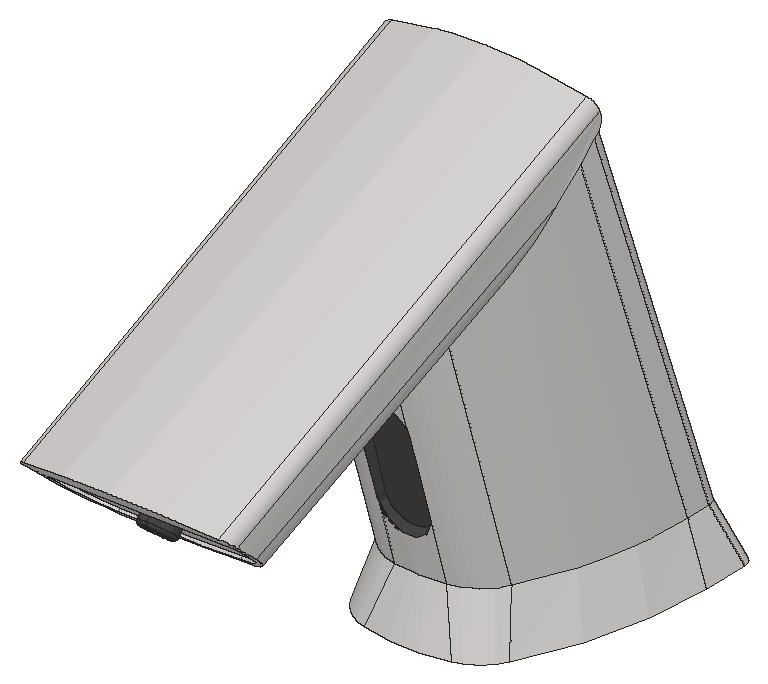
Revit family "Plumbing-Soap-Dispensers-Sloan-Valve-ESD-400", category Specialty Equipment, host Face, Revit 2019
Family settings
  Host = Face
  Round Connector Dimension = Use Diameter
  Part Type = Normal
  OmniClass Number = 23.40.20.21.34
  OmniClass Title = Soap Holders, Dispensers
  Cut with Voids When Loaded = No
  Shared = No
  Room Calculation Point = No
Parameters (values of type "ESD-400-BN")
  Width = 4 51/128"  # constant formula
  Voltage = 120 V
  URL = "www.sloanvalve.com"
  Product data url = "https://bimobject.com/sloan_valve/product/soap-dispensers_sloan_esd-400"
  Product Material = Sloan Valve - Finish - Brushed Nickel
  Product Guid = ""
  Power Factor = 0.8
  Part Number = "3346081"
  Number of Poles = 3
  Model = "ESD-400-BN"
  Manufacturer = "Sloan Valve"  # constant formula
  Keynote = "15410"
  Height = 4 51/128"  # constant formula
  Edition number = 1
  Description = "Brushed Nickel Finish, Sloan® Deck-Mounted Foam Soap Dispenser."
  Depth = 4 1/2"  # constant formula
  Default Elevation = 0"
  Current = 0 A
  Assembly Code = "D2010"
  Apparent Load = (Voltage * Current) / (Power Factor * Number of Poles)  # 0 VA
Types (5): name | Product Material | Part Number | Model | Description
  ESD-400-BN | Sloan Valve - Finish - Brushed Nickel | "3346081" | "ESD-400-BN" | "Brushed Nickel Finish, Sloan® Deck-Mounted Foam Soap Dispenser."
  ESD-400-CP | Sloan Valve - Finish - Polished Chrome | "3346080" | "ESD-400-CP" | "Polished Chrome Finish, Sloan® Deck-Mounted Foam Soap Dispenser."
  ESD-400-GR | Sloan Valve - Finish - Graphite | "3346182" | "ESD-400-GR" | "Graphite Finish, Sloan® Deck-Mounted Foam Soap Dispenser."
  ESD-400-PB | Sloan Valve - Finish - Polished Brass | "3346083" | "ESD-400-PB" | "Polished Brass Finish, Sloan® Deck-Mounted Foam Soap Dispenser."
  ESD-400-SF | Sloan Valve - Stainless Steel - Brushed | "3346082" | "ESD-400-SF" | "Brushed Stainless Finish, Sloan® Deck-Mounted Foam Soap Dispenser."
Reference planes (in)
  plane 1 "Center (Front/Back)": y = 0
  plane 2: z = 0
  plane 3 "Center (Left/Right)": x = 0
Dimensions and locks (in)
  aligned and locked: plane 2 to host face
  aligned and locked: level to host face
  aligned and locked: nested 1 to plane 2
  aligned and locked: plane 1 "Center (Front/Back)" to nested 1
  aligned and locked: plane 3 "Center (Left/Right)" to nested 1
Nested families (in)
  nested 1: "Geometry" at (0, 0, 0), type "Geometry"
Connectors (in)
  electrical at (0, -1.2919, 1.50819), driven by "Number of Poles", driven by "Voltage", driven by "Apparent Load", driven by "Apparent Load", driven by "Apparent Load", driven by "Power Factor"
    settings: on nested 1, index 4, voltage 120 V, apparent load 0 VA, apparent load phase1 0 VA, apparent load phase2 0 VA, apparent load phase3 0 VA, power factor 0.8, load classification "Other", number of poles 3, system type 31, power factor state 1, is connector primary yes, connector utility no, sub classification motor no, connector description "Electrical Connection"
Definition of nested family "Geometry"
  Parameters (values of type "Geometry")
    URL = ""
    Product Material = none
    Model = ""
    Manufacturer = ""
    Description = ""
    Default Elevation = 0"
    Code Number = ""
    Assembly Code = ""
  Reference planes (in)
    plane 1 "Center (Front/Back)": y = 0
    plane 2: z = 0
    plane 3 "Center (Left/Right)": x = 0
    plane 4: y = -1.25
    plane 5: y = 1.25
    plane 6: z = 4.39844
    plane 7: y = -4
    plane 8: y = -4.5
    plane 9: x = -1.125
    plane 10: x = 1.125
    plane 11: x = -0.95312
    plane 12: x = 0.95313
    plane 13: z = 2.63976
    plane 14: through (0, -177.53606, 17.95701) normal (0, -0.0948, -0.9955)
    plane 15: through (0.94531, -177.44643, 18.89806) normal (0, -0.0948, -0.9955)
    plane 16: x = 0.25
    plane 17: x = -0.25
  Forms (in)
    Blend 1, solid, material <- "Product Material"
      base sketch origin (-2.96963, -1.07049, -0.01946) x (1, 0, 0) y (0, 1, 0)
        loop
          line (3.96963, 2.32049) -> (1.96963, 2.32049)
          arc (1.96963, 2.32049) -> (1.88124, 2.28387) -> (1.84463, 2.19549) r 0.125
          line (1.84463, 2.19549) -> (1.84463, 1.80852)
          arc (1.84463, 1.80852) -> (1.95083, 0.93886) -> (2.26319, 0.12032) r 3.61384
          arc (2.26319, 0.12032) -> (2.39554, -0.03861) -> (2.58088, -0.13038) r 0.5
          arc (2.58088, -0.13038) -> (2.96921, -0.17951) -> (3.35756, -0.13059) r 1.56256
          arc (3.35756, -0.13059) -> (3.54127, -0.04025) -> (3.67337, 0.11615) r 0.5
          arc (3.67337, 0.11615) -> (3.98768, 0.92319) -> (4.09463, 1.78265) r 3.50693
          line (4.09463, 1.78265) -> (4.09463, 2.19549)
          arc (4.09463, 2.19549) -> (4.05802, 2.28387) -> (3.96963, 2.32049) r 0.125
      top sketch origin (-2.96963, -1.07049, -0.01946) x (1, 0, 0) y (0, 1, 0)
        loop
          arc (2.0165, 1.80852) -> (2.10679, 1.02535) -> (2.3729, 0.28326) r 3.44196
          arc (2.3729, 0.28326) -> (2.52269, 0.10366) -> (2.73777, 0.01183) r 0.5
          arc (2.73777, 0.01183) -> (2.96991, -0.00764) -> (3.20204, 0.01192) r 1.39069
          arc (3.20204, 0.01192) -> (3.4153, 0.10252) -> (3.56482, 0.27954) r 0.5
          arc (3.56482, 0.27954) -> (3.83204, 1.01008) -> (3.92275, 1.78265) r 3.33506
          line (3.92275, 1.78265) -> (3.92275, 2.0135)
          arc (3.92275, 2.0135) -> (3.88614, 2.10189) -> (3.79775, 2.1385) r 0.125
          line (3.79775, 2.1385) -> (2.1415, 2.1385)
          arc (2.1415, 2.1385) -> (2.05312, 2.10189) -> (2.0165, 2.0135) r 0.125
          line (2.0165, 2.0135) -> (2.0165, 1.80852)
      from 0.01946 to 0.51946
    Blend 2, solid, material <- "Product Material"
      base sketch origin (0, 0, 0) x (1, 0, 0) y (0, 1, 0)
        loop
          arc (-0.82812, 1.06801) -> (-0.91651, 1.0314) -> (-0.95312, 0.94301) r 0.125
          line (-0.95312, 0.94301) -> (-0.95312, 0.73803)
          arc (-0.95312, 0.73803) -> (-0.86284, -0.04514) -> (-0.59673, -0.78723) r 3.44196
          arc (-0.59673, -0.78723) -> (-0.44694, -0.96682) -> (-0.23186, -1.05866) r 0.5
          arc (-0.23186, -1.05866) -> (0.00028, -1.07812) -> (0.23241, -1.05857) r 1.39069
          arc (0.23241, -1.05857) -> (0.44567, -0.96796) -> (0.59519, -0.79095) r 0.5
          arc (0.59519, -0.79095) -> (0.86241, -0.06041) -> (0.95313, 0.71217) r 3.33506
          line (0.95313, 0.71217) -> (0.95313, 0.94301)
          arc (0.95313, 0.94301) -> (0.91651, 1.0314) -> (0.82813, 1.06801) r 0.125
          line (0.82813, 1.06801) -> (-0.82812, 1.06801)
      top sketch origin (0, 0, 0) x (1, 0, 0) y (0, 1, 0)
        loop
          line (0.82813, -0.3509) -> (-0.82812, -0.3509)
          arc (-0.82812, -0.3509) -> (-0.91651, -0.38751) -> (-0.95312, -0.4759) r 0.125
          line (-0.95312, -0.4759) -> (-0.95312, -0.66338)
          spline (-0.95312, -0.66338) -> (-0.9506, -0.78108) -> (-0.94303, -0.89861) -> (-0.93045, -1.01579) -> (-0.91288, -1.13245) -> (-0.89033, -1.24843) -> (-0.86284, -1.36354) -> (-0.83043, -1.47763) -> (-0.79315, -1.59053) -> (-0.75108, -1.70208) -> (-0.70427, -1.81211) -> (-0.6528, -1.92046) -> (-0.59673, -2.02697)
          spline (-0.59673, -2.02697) -> (-0.57789, -2.05788) -> (-0.55639, -2.08734) -> (-0.53239, -2.11521) -> (-0.50604, -2.1413) -> (-0.4775, -2.16546) -> (-0.44693, -2.18754) -> (-0.4145, -2.20737) -> (-0.3804, -2.22485) -> (-0.34487, -2.23991) -> (-0.30813, -2.25245) -> (-0.27038, -2.26239) -> (-0.23186, -2.26964)
          spline (-0.23186, -2.26964) -> (-0.19345, -2.27495) -> (-0.15488, -2.2793) -> (-0.1162, -2.28269) -> (-0.07742, -2.28511) -> (-0.03859, -2.28656) -> (0.00028, -2.28704) -> (0.03914, -2.28654) -> (0.07798, -2.28508) -> (0.11675, -2.28264) -> (0.15544, -2.27924) -> (0.194, -2.27488) -> (0.23241, -2.26955)
          spline (0.23241, -2.26955) -> (0.27057, -2.26237) -> (0.30797, -2.25255) -> (0.34439, -2.24018) -> (0.37963, -2.22533) -> (0.41346, -2.20809) -> (0.44567, -2.18855) -> (0.47606, -2.16681) -> (0.50447, -2.143) -> (0.53074, -2.11729) -> (0.55472, -2.08983) -> (0.57625, -2.06078) -> (0.59519, -2.0303)
          spline (0.59519, -2.0303) -> (0.65147, -1.9256) -> (0.70315, -1.81902) -> (0.75015, -1.71072) -> (0.7924, -1.60087) -> (0.82984, -1.48964) -> (0.86241, -1.37719) -> (0.89003, -1.26369) -> (0.91268, -1.14931) -> (0.93034, -1.03423) -> (0.94298, -0.91862) -> (0.95059, -0.80265) -> (0.95313, -0.68651)
          line (0.95313, -0.68651) -> (0.95313, -0.4759)
          arc (0.95313, -0.4759) -> (0.91651, -0.38751) -> (0.82813, -0.3509) r 0.125
      from 0.5 to 4.39844
    Revolve 3, solid
      sketch origin (0, -0.14203, 0.78448) x (0, 0.951057, 0.309017) y (0, -0.309017, 0.951057)
        loop
          line (-3.07055, 2.38388) -> (-3.1044, 2.44036) -> (-3.21011, 2.37933) -> (-3.193, 2.3497)
          arc (-3.193, 2.3497) -> (-3.17504, 2.3358) -> (-3.15248, 2.33847) r 0.03
          line (-3.15248, 2.33847) -> (-3.07055, 2.38388)
        axis (-3.15038, 2.52215) -> (-3.25702, 2.46058)
      angle from 0 to 360
    Extrusion 4, void
      sketch origin (-6, -4.25825, 2.46692) x (0, -0.743145, 0.669131) y (1, 0, 0)
        loop
          line (-0.09497, 6.88541) -> (-0.29821, 6.86637)
          arc (-0.29821, 6.86637) -> (-0.55625, 6.77652) -> (-0.70648, 6.54829) r 0.42557
          spline (-0.70648, 6.54829) -> (-0.72783, 6.45869) -> (-0.74535, 6.36826) -> (-0.75901, 6.27717) -> (-0.76879, 6.18558) -> (-0.77467, 6.09367) -> (-0.77664, 6.00158) -> (-0.77467, 5.9095) -> (-0.76879, 5.81758) -> (-0.75901, 5.72599) -> (-0.74535, 5.6349) -> (-0.72783, 5.54447) -> (-0.70648, 5.45487)
          arc (-0.70648, 5.45487) -> (-0.55636, 5.2256) -> (-0.29821, 5.13363) r 0.42988
          line (-0.29821, 5.13363) -> (-0.09497, 5.1175) -> (-0.09497, 6.88541)
      from -0.04589 to 0.01374
    Extrusion 5, void
      sketch origin (-6, -0.82885, -0.42029) x (0, 1, 0) y (0, 0, 1)
        loop
          line (-2.49455, 2.03492) -> (-3.73046, 3.11173) -> (-3.91681, 3.11173) -> (-3.91681, 2.03492) -> (-2.49455, 2.03492)
      from 5.02072 to 7.07665
    Blend 6, solid, material <- "Product Material"
      base sketch origin (0, -3.68064, -0.18882) x (1, 0, 0) y (0, -0.415633, 0.909532)
        loop
          arc (-0.54309, 1.76182) -> (0, 1.70163) -> (0.54309, 1.76182) r 2.48017
          arc (0.54309, 1.76182) -> (0.80033, 1.90981) -> (0.92837, 2.17754) r 0.5
          arc (0.92837, 2.17754) -> (0.9473, 2.35329) -> (0.95301, 2.52997) r 2.3572
          arc (0.95301, 2.52997) -> (0.92925, 2.60264) -> (0.86762, 2.64788) r 0.125
          arc (0.86762, 2.64788) -> (0, 2.78895) -> (-0.86762, 2.64788) r 2.73855
          arc (-0.86762, 2.64788) -> (-0.92925, 2.60264) -> (-0.95301, 2.52997) r 0.125
          arc (-0.95301, 2.52997) -> (-0.9473, 2.35329) -> (-0.92837, 2.17754) r 2.3572
          arc (-0.92837, 2.17754) -> (-0.80033, 1.90981) -> (-0.54309, 1.76182) r 0.5
      top sketch origin (0, -3.68064, -0.18882) x (1, 0, 0) y (0, -0.415633, 0.909532)
        loop
          arc (-0.54309, 1.96179) -> (0, 1.9016) -> (0.54309, 1.96179) r 2.48017
          arc (0.54309, 1.96179) -> (0.80033, 2.10978) -> (0.92837, 2.37751) r 0.5
          arc (0.92837, 2.37751) -> (0.94437, 2.51346) -> (0.95283, 2.65009) r 2.47436
          arc (0.95283, 2.65009) -> (0.93056, 2.72568) -> (0.8675, 2.77292) r 0.125
          arc (0.8675, 2.77292) -> (0, 2.91395) -> (-0.8675, 2.77292) r 2.73855
          arc (-0.8675, 2.77292) -> (-0.93056, 2.72568) -> (-0.95283, 2.65009) r 0.125
          arc (-0.95283, 2.65009) -> (-0.94437, 2.51346) -> (-0.92837, 2.37751) r 2.47436
          arc (-0.92837, 2.37751) -> (-0.80033, 2.10978) -> (-0.54309, 1.96179) r 0.5
      from -4.97562 to -0.40419
    Extrusion 7, void
      sketch origin (0, 0, 1.99219) x (0, 1, 0) y (0, 0, 1)
        loop
          line (-0.36616, 2.44817) -> (-0.26304, 2.16484)
          arc (-0.26304, 2.16484) -> (-0.25423, 2.08505) -> (-0.28315, 2.01016) r 0.16943
          line (-0.28315, 2.01016) -> (-1.73212, 0.67665) -> (0.29027, 1.44621) -> (0.29027, 2.44817) -> (-0.36616, 2.44817)
      from -1.125 to 1.125
    Extrusion 8, void
      sketch origin (0, 1, 1.99219) x (0, 1, 0) y (0, 0, 1)
        loop
          line (-1.26304, 2.16484) -> (-1.36616, 2.44817) -> (-3.32323, 2.44817) -> (-3.32323, 0.13264) -> (-1.28315, 2.01016)
          arc (-1.28315, 2.01016) -> (-1.25423, 2.08505) -> (-1.26304, 2.16484) r 0.16943
      from -1.125 to 1.125
    Blend 9, void
      base sketch origin (0, 0.44225, 0.48446) x (1, 0, 0) y (0, -0.275637, 0.961262)
        loop
          arc (-0.25, 1.04214) -> (0, 0.79214) -> (0.25, 1.04214) r 0.25
          line (0.25, 1.04214) -> (0.25, 1.85857)
          arc (0.25, 1.85857) -> (0, 2.10857) -> (-0.25, 1.85857) r 0.25
          line (-0.25, 1.85857) -> (-0.25, 1.04214)
      top sketch origin (0, 0.44225, 0.48446) x (1, 0, 0) y (0, -0.275637, 0.961262)
        loop
          arc (0.21875, 1.85857) -> (0, 2.07732) -> (-0.21875, 1.85857) r 0.21875
          line (-0.21875, 1.85857) -> (-0.21875, 1.06558)
          arc (-0.21875, 1.06558) -> (0, 0.84683) -> (0.21875, 1.06558) r 0.21875
          line (0.21875, 1.06558) -> (0.21875, 1.85857)
      from 1.50528 to 1.38479
  Cuts and joins
    Extrusion 7 cuts Blend 1
    Extrusion 8, Blend 9 cuts Blend 2
    joined: Blend 1, Blend 2
    Extrusion 4, Extrusion 5, Extrusion 7 cuts Blend 6
  Lines and regions (in)
    Masking region 1
      outline origin (0, 0, 0) x (1, 0, 0) y (0, 1, 0)
        loop
          line (1, 1.25) -> (-1, 1.25)
          arc (-1, 1.25) -> (-1.08839, 1.21339) -> (-1.125, 1.125) r 0.125
          line (-1.125, 1.125) -> (-1.125, 0.73803)
          arc (-1.125, 0.73803) -> (-1.08177, 0.18075) -> (-0.95312, -0.3632) r 3.61384
          line (-0.95312, -0.3632) -> (-0.95312, -4.28538)
          spline (-0.95312, -4.28538) -> (-0.95214, -4.29523) -> (-0.9503, -4.305) -> (-0.94725, -4.31459) -> (-0.94302, -4.32392) -> (-0.93765, -4.33292) -> (-0.93118, -4.34149) -> (-0.92367, -4.34956) -> (-0.91518, -4.35707) -> (-0.9058, -4.36394) -> (-0.8956, -4.37012) -> (-0.88468, -4.37555) -> (-0.87313, -4.38018)
          spline (-0.87313, -4.38018) -> (-0.73245, -4.41649) -> (-0.58915, -4.44637) -> (-0.44372, -4.46973) -> (-0.2967, -4.48647) -> (-0.14862, -4.49654) -> (0, -4.4999) -> (0.14862, -4.49654) -> (0.29671, -4.48647) -> (0.44373, -4.46973) -> (0.58915, -4.44637) -> (0.73246, -4.41649) -> (0.87313, -4.38018)
          spline (0.87313, -4.38018) -> (0.88468, -4.37555) -> (0.8956, -4.37012) -> (0.9058, -4.36394) -> (0.91518, -4.35707) -> (0.92367, -4.34956) -> (0.93118, -4.34149) -> (0.93765, -4.33292) -> (0.94302, -4.32392) -> (0.94726, -4.31459) -> (0.9503, -4.305) -> (0.95214, -4.29523) -> (0.95276, -4.28538)
          line (0.95276, -4.28538) -> (0.95313, -0.37225)
          arc (0.95313, -0.37225) -> (1.08176, 0.16319) -> (1.125, 0.71217) r 3.50693
          line (1.125, 0.71217) -> (1.125, 1.125)
          arc (1.125, 1.125) -> (1.08839, 1.21339) -> (1, 1.25) r 0.125
    symbolic lines, detail levels medium+fine
      curve 1: spline (0.86761, -0.3032, 0) -> (0.72688, -0.31787, 0) -> (0.58404, -0.32993, 0) -> (0.43952, -0.33935, 0) -> (0.29372, -0.34609, 0) -> (0.14707, -0.35015, 0) -> (0, -0.3515, 0) -> (-0.14707, -0.35015, 0) -> (-0.29372, -0.34609, 0) -> (-0.43952, -0.33935, 0) -> (-0.58404, -0.32993, 0) -> (-0.72688, -0.31787, 0) -> (-0.86761, -0.3032, 0)
      curve 2: arc (-0.86761, -0.3032, 0) -> (-0.92176, -0.31697, 0) -> (-0.95312, -0.3632, 0) r 0.0787
      curve 3: arc (0.95313, -0.37225, 0) -> (0.92483, -0.31982, 0) -> (0.86761, -0.3032, 0) r 0.07712
  Dimensions and locks (in)
    plane 5 to plane 4 = 2 1/2"
    plane 1 "Center (Front/Back)" to plane 4 = 1 1/4"
    plane 1 "Center (Front/Back)" to plane 7 = 4"
    locked: plane 1 "Center (Front/Back)" to plane 8 at 4.5
    locked: plane 6 to level at 4.39844
    locked: plane 10 to plane 9 at 2.25
    plane 12 to plane 11 = 1 29/32"
